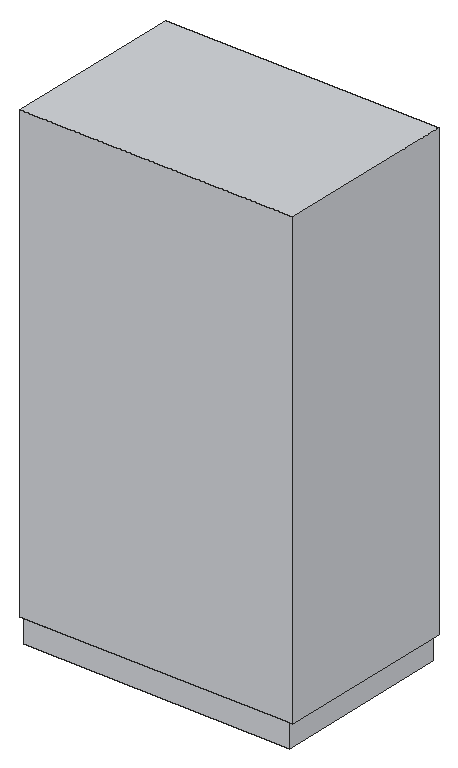
Revit family "EA_Schaltschrank_doppel_V1700", category Elektrische Ausstattung, Revit 2017
Family settings
  Schalttafelkonfiguration = 2 Spalten, Stromkreise nach rechts
  Bemaßung runder Anschluss = Durchmesser verwenden
  Teiletyp = Verteilerkasten
  OmniClass-Nummer = 23.80.30.11.17
  OmniClass-Titel = Distribution Boards and Control Panels
  Arbeitsebenenbasiert = Nein
  Immer vertikal = Ja
  Beim Laden mit Abzugskörper schneiden = Ja
  Gemeinsam genutzt = Nein
  Raumberechnungspunkt = Nein
Parameters (values of type "GHV")
  pbr_Material_KZ = ""
  pbr_Material = none
  pbr_E_Typ = ""
  pbr_E_KZ = ""
  pbr_DINBild = 0
  pbr_Bild = 0
  magenta schraffiert = no
  cpiFitMatchKey [instance] = "E-SS"  # constant formula
  Wirkleistung [instance] = 0 W
  built-in parameter 1140083 [instance] = "STahl"
  Türstärke = 10 mm
  Türhalbbreite [instance] = (Breite - 2 * Kante) / 2  # 585 mm
  Türbreite [instance] = if(Breite > 1199 mm, Türhalbbreite, Breite - 2 * Kante)  # 585 mm
  Typ [instance] = ""
  built-in parameter 1140086 [instance] = "-"
  Tiefe [instance] = 800 mm
  Text3 [instance] = ""
  Text2 [instance] = ""
  Text1 [instance] = ""
  built-in parameter 1140085 [instance] = "UVx"
  Spannung Phase zu Phase [instance] = 400 V
  Voltage = ""
  Sockeltiefe [instance] = Tiefe - 15 mm  # 785 mm
  grün schraffiert = no
  Sockel [instance] = 100 mm
  Scheinleistung [instance] = 0 VA
  Scheinlast [instance] = 0 VA
  Polig [instance] = 1
  Planungsbüro Rohling = "www.pbr.de"
  built-in parameter 1140082 [instance] = 100 (stored number, unit not read)
  blau schraffiert = yes
  Menge(Dosenzahl) [instance] = 0
  built-in parameter 1140079 [instance] = 42
  schwarz schraffiert = no
  braun schraffiert = no
  Linie/Anschluss [instance] = ""
  Leistungsfaktor [instance] = 0
  Lastklassifizierung [instance] = none
  Kante = 15 mm
  Kabeltrassen Anschlusshöhe [instance] = 100 mm
  Kabeltrasse Anschlussbreite [instance] = 400 mm
  Installationsart [instance] = ""
  built-in parameter 1140081 [instance] = "Freistehend"
  Info [instance] = ""
  Höhe [instance] = 2000 mm
  Gewerk [instance] = "UV"
  Panel Name [instance] = "Schaltschrank"
  violett schraffiert = no
  Breite [instance] = 1200 mm
  rot schraffiert = no
  Anlaufstrom [instance] = 0
Reference planes
  plane 1 "Mitte (Vorne/Hinten)": y = 0
  plane 2: z = 0
  plane 3 "Mitte (Links/Rechts)": x = 0
  plane 4: y = 800
  plane 5: x = -600
  plane 6: x = 600
  plane 7 "Niveau": z = 100
  plane 8: z = 2100
  plane 9: y = 350
  plane 10: y = 650
  plane 11: y = 400
  plane 12: y = 810
  plane 13: x = -585
  plane 14: x = 585
  plane 15: z = 2085
  plane 16: z = 115
  plane 17: y = 373.049
  plane 18: y = 1385
  plane 19: x = 575
  plane 20: x = -575
Forms (mm)
  Extrusion 1, solid
    sketch origin (-17.916, -2.559, 0) x (1, 0, 0) y (0, 1, 0)
      loop
        line (-582.084, 2.559) -> (617.916, 2.559) -> (617.916, 802.559) -> (-582.084, 802.559) -> (-582.084, 2.559)
    from 100 to 2100
  Extrusion 2, solid
    sketch origin (0, 0, 0) x (1, 0, 0) y (0, 1, 0)
      loop
        line (-585, 810) -> (-585, 800) -> (585, 800) -> (585, 810) -> (-585, 810)
    from 115 to 2085
  Extrusion 3, solid
    sketch origin (0, 0, 0) x (1, 0, 0) y (0, 1, 0)
      loop
        line (-585, 785) -> (-585, 0) -> (585, 0) -> (585, 785) -> (-585, 785)
    from 0 to 100
Dimensions and locks
  equal spacing: plane 5, plane 3 "Mitte (Links/Rechts)", plane 6
  "Tiefe": plane 4 to plane 1 "Mitte (Vorne/Hinten)"
  "Breite": plane 5 to plane 6
  "Höhe": plane 8 to plane 7 "Niveau"
  "Sockel": plane 7 "Niveau" to level
  plane 3 "Mitte (Links/Rechts)" to Extrusion 1 = 600 mm
  equal spacing: plane 4, plane 11, plane 1 "Mitte (Vorne/Hinten)"
  plane 4 to plane 10 to plane 11 to plane 9 to plane 1 "Mitte (Vorne/Hinten)" = 150 mm, 250 mm, 50 mm, 350 mm
  "Kante": plane 5 to plane 13
  "Kante": plane 14 to plane 6
  "Türstärke": plane 12 to plane 4
  "Kante": plane 7 "Niveau" to plane 16
  "Kante": plane 15 to plane 8
  "Türstärke": plane 19 to plane 14
  "Türbreite": plane 18 to plane 4
  "Türstärke": plane 13 to plane 20
  "Sockeltiefe": plane 1 "Mitte (Vorne/Hinten)" to Extrusion 3
  aligned and locked: level to plane 2
  aligned and locked: plane 6 to Extrusion 1
  aligned and locked: plane 1 "Mitte (Vorne/Hinten)" to Extrusion 1
  aligned and locked: plane 4 to Extrusion 1
  aligned and locked: Extrusion 1 to plane 5
  aligned and locked: Extrusion 1 to plane 7 "Niveau"
  aligned and locked: plane 8 to Extrusion 1
  aligned and locked: Extrusion 2 sketch curve to plane 14
  aligned and locked: Extrusion 2 sketch curve to plane 12
  aligned and locked: plane 4 to Extrusion 2 sketch curve
  aligned and locked: plane 13 to Extrusion 2 sketch curve
  aligned and locked: plane 15 to Extrusion 2
  aligned and locked: Extrusion 2 to plane 16
  aligned and locked: Extrusion 3 sketch curve to plane 13
  aligned and locked: Extrusion 3 sketch curve to plane 1 "Mitte (Vorne/Hinten)"
  aligned and locked: Extrusion 3 sketch curve to plane 14
  aligned and locked: plane 3 "Mitte (Links/Rechts)" to nested 1
  aligned and locked: plane 1 "Mitte (Vorne/Hinten)" to nested 1
  aligned and locked: plane 3 "Mitte (Links/Rechts)" to nested 2
  aligned and locked: plane 1 "Mitte (Vorne/Hinten)" to nested 2
  aligned and locked: plane 3 "Mitte (Links/Rechts)" to nested 3
  aligned and locked: plane 1 "Mitte (Vorne/Hinten)" to nested 3
  aligned and locked: plane 3 "Mitte (Links/Rechts)" to nested 4
  aligned and locked: plane 1 "Mitte (Vorne/Hinten)" to nested 4
  aligned and locked: plane 3 "Mitte (Links/Rechts)" to nested 5
  aligned and locked: plane 1 "Mitte (Vorne/Hinten)" to nested 5
  aligned and locked: plane 3 "Mitte (Links/Rechts)" to nested 6
  aligned and locked: plane 1 "Mitte (Vorne/Hinten)" to nested 6
  aligned and locked: plane 3 "Mitte (Links/Rechts)" to nested 7
  aligned and locked: plane 1 "Mitte (Vorne/Hinten)" to nested 7
Automatic sketch dimensions
  Extrusion 1 sketch curve to plane 4 = 0 mm
  Extrusion 1 sketch curve to plane 5 = 0 mm
  Extrusion 1 sketch curve to plane 6 = 0 mm
  plane 1 "Mitte (Vorne/Hinten)" to Extrusion 1 sketch curve = 0 mm
  plane 17 to Extrusion 3 sketch curve = 411.951 mm
Nested families
  nested 1: "Schaltschrank_doppelflüglig_rot" at (0, 0, 0), Breite Schrank <- "Breite", Tiefe Schrank <- "Tiefe", visible <- "rot schraffiert", type "Schaltschrank_2-flüglig_BMA"
    with Tiefe Schrank 800 mm, Breite Schrank 1200 mm
  nested 2: "Schaltschrank_doppelflüglig_violett" at (0, 0, 0), Breite Schrank <- "Breite", Tiefe Schrank <- "Tiefe", visible <- "violett schraffiert", type "Schaltschrank_2-flüglig_EDV"
    with Tiefe Schrank 800 mm, Breite Schrank 1200 mm
  nested 3: "Schaltschrank_doppelflüglig_blau" at (0, 0, 0), Breite Schrank <- "Breite", Tiefe Schrank <- "Tiefe", visible <- "blau schraffiert", type "Schaltschrank_2-flüglig_INSTA"
    with Tiefe Schrank 800 mm, Breite Schrank 1200 mm
  nested 4: "Schaltschrank_doppelflüglig_braun" at (0, 0, 0), Breite Schrank <- "Breite", Tiefe Schrank <- "Tiefe", visible <- "braun schraffiert", type "Schaltschrank_2-flüglig_LN"
    with Tiefe Schrank 800 mm, Breite Schrank 1200 mm
  nested 5: "Schaltschrank_doppelflüglig_schwarz" at (0, 0, 0), Breite Schrank <- "Breite", Tiefe Schrank <- "Tiefe", visible <- "schwarz schraffiert", type "Schaltschrank_2-flüglig_MSR"
    with Tiefe Schrank 800 mm, Breite Schrank 1200 mm
  nested 6: "Schaltschrank_doppelflüglig_grün" at (0, 0, 0), Breite Schrank <- "Breite", Tiefe Schrank <- "Tiefe", visible <- "grün schraffiert", type "Schaltschrank_2-flüglig_SIBEL"
    with Tiefe Schrank 800 mm, Breite Schrank 1200 mm
  nested 7: "Schaltschrank_doppelflüglig_magenta" at (0, 0, 0), Breite Schrank <- "Breite", Tiefe Schrank <- "Tiefe", visible <- "magenta schraffiert", type "Schaltschrank_2-flüglig_VMT"
    with Tiefe Schrank 800 mm, Breite Schrank 1200 mm
Connectors
  cabletrayconduit at (0, 392.5, 100), diameter 600, driven by "Kabeltrasse Anschlussbreite", driven by "Kabeltrassen Anschlusshöhe"
    settings: on Extrusion 3, index 1, connector width 400 mm, connector height 100 mm, connector angle 0.00°, system type 32, placement type 0, profile type 1, connector reference index -1, is primary connector yes, connector utility param no, connector description ""
  electrical at (0, 400, 2100), driven by "Spannung Phase zu Phase"
    settings: on Extrusion 1, index 2, voltage 400 V, apparent load 0 VA, apparent load phase1 0 VA, apparent load phase2 0 VA, apparent load phase3 0 VA, power factor 1, load classification "Energie", number of poles 3, system type 31, power factor state 1, is connector primary yes, connector utility yes, sub classification motor no, connector description ""
Definition of nested family "Schaltschrank_doppelflüglig_rot"
  Parameters (values of type "Schaltschrank_doppelflüglig_rot")
    Tiefe Schrank [instance] = 800 mm
    Breite Schrank [instance] = 1600 mm
  Reference planes
    plane 1 "Mitte (Vorne/Hinten)": y = 0
    plane 2: z = 0
    plane 3 "Mitte (Links/Rechts)": x = 0
    plane 4: x = -800
    plane 5: x = 800
    plane 6: y = 800
  Lines and regions (mm)
    Filled region 1, type "Beton", in view "Referenzebene"
      outline origin (0, 0, 0) x (1, 0, 0) y (0, 1, 0)
        loop
          line (-800, 0) -> (800, 0) -> (800, 800) -> (-800, 0)
    detail lines, in view "Referenzebene"
      curve 1: line (-800, 800, 0) -> (800, 800, 0)
      curve 2: line (-800, 0, 0) -> (-800, 800, 0)
      curve 3: line (800, 0, 0) -> (-800, 0, 0)
      curve 4: line (800, 800, 0) -> (800, 0, 0)
      curve 5: arc (0, 800, 0) -> (-234.315, 1365.685, 0) -> (-800, 1600, 0) r 800
      curve 6: line (-800, 800, 0) -> (-800, 1600, 0)
      curve 7: arc (0, 800, 0) -> (234.315, 1365.685, 0) -> (800, 1600, 0) r 800
      curve 8: line (800, 800, 0) -> (800, 1600, 0)
  Dimensions and locks
    "Tiefe Schrank": plane 6 to plane 1 "Mitte (Vorne/Hinten)"
    equal spacing: plane 4, plane 3 "Mitte (Links/Rechts)", plane 5
    "Breite Schrank": plane 4 to plane 5
    aligned and locked: curve 3 to plane 1 "Mitte (Vorne/Hinten)"
    aligned and locked: plane 4 to curve 2
    aligned and locked: curve 4 to plane 5
    aligned and locked: curve 1 to plane 6
    aligned and locked: curve 3 to Filled region 1 sketch curve
    aligned and locked: curve 1 to Filled region 1 sketch curve
    aligned and locked: Filled region 1 sketch curve to curve 4
    aligned and locked: Filled region 1 sketch curve to curve 3
  Automatic sketch dimensions
    Filled region 1 sketch curve to plane 4 = 0 mm
    curve 7 to plane 3 "Mitte (Links/Rechts)" = 0 mm
    curve 5 to plane 3 "Mitte (Links/Rechts)" = 0 mm
    plane 1 "Mitte (Vorne/Hinten)" to curve 3 = 0 mm
Definition of nested family "Schaltschrank_doppelflüglig_violett"
  Parameters (values of type "Schaltschrank_doppelflüglig_violett")
    Tiefe Schrank [instance] = 800 mm
    Breite Schrank [instance] = 1600 mm
  Reference planes
    plane 1 "Mitte (Vorne/Hinten)": y = 0
    plane 2: z = 0
    plane 3 "Mitte (Links/Rechts)": x = 0
    plane 4: x = -800
    plane 5: x = 800
    plane 6: y = 800
  Lines and regions (mm)
    Filled region 1, type "Beton", in view "Referenzebene"
      outline origin (0, 0, 0) x (1, 0, 0) y (0, 1, 0)
        loop
          line (-800, 0) -> (800, 0) -> (800, 800) -> (-800, 0)
    detail lines, in view "Referenzebene"
      curve 1: line (-800, 800, 0) -> (800, 800, 0)
      curve 2: line (-800, 0, 0) -> (-800, 800, 0)
      curve 3: line (800, 0, 0) -> (-800, 0, 0)
      curve 4: line (800, 800, 0) -> (800, 0, 0)
      curve 5: arc (0, 800, 0) -> (-234.315, 1365.685, 0) -> (-800, 1600, 0) r 800
      curve 6: line (-800, 800, 0) -> (-800, 1600, 0)
      curve 7: arc (0, 800, 0) -> (234.315, 1365.685, 0) -> (800, 1600, 0) r 800
      curve 8: line (800, 800, 0) -> (800, 1600, 0)
  Dimensions and locks
    "Tiefe Schrank": plane 6 to plane 1 "Mitte (Vorne/Hinten)"
    equal spacing: plane 4, plane 3 "Mitte (Links/Rechts)", plane 5
    "Breite Schrank": plane 4 to plane 5
    aligned and locked: curve 3 to plane 1 "Mitte (Vorne/Hinten)"
    aligned and locked: plane 4 to curve 2
    aligned and locked: curve 4 to plane 5
    aligned and locked: curve 1 to plane 6
    aligned and locked: curve 3 to Filled region 1 sketch curve
    aligned and locked: curve 1 to Filled region 1 sketch curve
    aligned and locked: Filled region 1 sketch curve to curve 4
    aligned and locked: Filled region 1 sketch curve to curve 3
  Automatic sketch dimensions
    Filled region 1 sketch curve to plane 4 = 0 mm
    curve 7 to plane 3 "Mitte (Links/Rechts)" = 0 mm
    curve 5 to plane 3 "Mitte (Links/Rechts)" = 0 mm
    plane 1 "Mitte (Vorne/Hinten)" to curve 3 = 0 mm
Definition of nested family "Schaltschrank_doppelflüglig_blau"
  Parameters (values of type "Schaltschrank_doppelflüglig_blau")
    Tiefe Schrank [instance] = 800 mm
    Breite Schrank [instance] = 1600 mm
  Reference planes
    plane 1 "Mitte (Vorne/Hinten)": y = 0
    plane 2: z = 0
    plane 3 "Mitte (Links/Rechts)": x = 0
    plane 4: x = -800
    plane 5: x = 800
    plane 6: y = 800
  Lines and regions (mm)
    Filled region 1, type "Beton", in view "Referenzebene"
      outline origin (0, 0, 0) x (1, 0, 0) y (0, 1, 0)
        loop
          line (-800, 0) -> (800, 0) -> (800, 800) -> (-800, 0)
    detail lines, in view "Referenzebene"
      curve 1: line (-800, 800, 0) -> (800, 800, 0)
      curve 2: line (-800, 0, 0) -> (-800, 800, 0)
      curve 3: line (800, 0, 0) -> (-800, 0, 0)
      curve 4: line (800, 800, 0) -> (800, 0, 0)
      curve 5: arc (0, 800, 0) -> (-234.315, 1365.685, 0) -> (-800, 1600, 0) r 800
      curve 6: line (-800, 800, 0) -> (-800, 1600, 0)
      curve 7: arc (0, 800, 0) -> (234.315, 1365.685, 0) -> (800, 1600, 0) r 800
      curve 8: line (800, 800, 0) -> (800, 1600, 0)
  Dimensions and locks
    "Tiefe Schrank": plane 6 to plane 1 "Mitte (Vorne/Hinten)"
    equal spacing: plane 4, plane 3 "Mitte (Links/Rechts)", plane 5
    "Breite Schrank": plane 4 to plane 5
    aligned and locked: curve 3 to plane 1 "Mitte (Vorne/Hinten)"
    aligned and locked: plane 4 to curve 2
    aligned and locked: curve 4 to plane 5
    aligned and locked: curve 1 to plane 6
    aligned and locked: curve 3 to Filled region 1 sketch curve
    aligned and locked: curve 1 to Filled region 1 sketch curve
    aligned and locked: Filled region 1 sketch curve to curve 4
    aligned and locked: Filled region 1 sketch curve to curve 3
  Automatic sketch dimensions
    Filled region 1 sketch curve to plane 4 = 0 mm
    curve 7 to plane 3 "Mitte (Links/Rechts)" = 0 mm
    curve 5 to plane 3 "Mitte (Links/Rechts)" = 0 mm
    plane 1 "Mitte (Vorne/Hinten)" to curve 3 = 0 mm
Definition of nested family "Schaltschrank_doppelflüglig_braun"
  Parameters (values of type "Schaltschrank_doppelflüglig_braun")
    Tiefe Schrank [instance] = 800 mm
    Breite Schrank [instance] = 1600 mm
  Reference planes
    plane 1 "Mitte (Vorne/Hinten)": y = 0
    plane 2: z = 0
    plane 3 "Mitte (Links/Rechts)": x = 0
    plane 4: x = -800
    plane 5: x = 800
    plane 6: y = 800
  Lines and regions (mm)
    Filled region 1, type "Beton", in view "Referenzebene"
      outline origin (0, 0, 0) x (1, 0, 0) y (0, 1, 0)
        loop
          line (-800, 0) -> (800, 0) -> (800, 800) -> (-800, 0)
    detail lines, in view "Referenzebene"
      curve 1: line (-800, 800, 0) -> (800, 800, 0)
      curve 2: line (-800, 0, 0) -> (-800, 800, 0)
      curve 3: line (800, 0, 0) -> (-800, 0, 0)
      curve 4: line (800, 800, 0) -> (800, 0, 0)
      curve 5: arc (0, 800, 0) -> (-234.315, 1365.685, 0) -> (-800, 1600, 0) r 800
      curve 6: line (-800, 800, 0) -> (-800, 1600, 0)
      curve 7: arc (0, 800, 0) -> (234.315, 1365.685, 0) -> (800, 1600, 0) r 800
      curve 8: line (800, 800, 0) -> (800, 1600, 0)
  Dimensions and locks
    "Tiefe Schrank": plane 6 to plane 1 "Mitte (Vorne/Hinten)"
    equal spacing: plane 4, plane 3 "Mitte (Links/Rechts)", plane 5
    "Breite Schrank": plane 4 to plane 5
    aligned and locked: curve 3 to plane 1 "Mitte (Vorne/Hinten)"
    aligned and locked: plane 4 to curve 2
    aligned and locked: curve 4 to plane 5
    aligned and locked: curve 1 to plane 6
    aligned and locked: curve 3 to Filled region 1 sketch curve
    aligned and locked: curve 1 to Filled region 1 sketch curve
    aligned and locked: Filled region 1 sketch curve to curve 4
    aligned and locked: Filled region 1 sketch curve to curve 3
  Automatic sketch dimensions
    Filled region 1 sketch curve to plane 4 = 0 mm
    curve 7 to plane 3 "Mitte (Links/Rechts)" = 0 mm
    curve 5 to plane 3 "Mitte (Links/Rechts)" = 0 mm
    plane 1 "Mitte (Vorne/Hinten)" to curve 3 = 0 mm
Definition of nested family "Schaltschrank_doppelflüglig_schwarz"
  Parameters (values of type "Schaltschrank_doppelflüglig_schwarz")
    Tiefe Schrank [instance] = 800 mm
    Breite Schrank [instance] = 1600 mm
  Reference planes
    plane 1 "Mitte (Vorne/Hinten)": y = 0
    plane 2: z = 0
    plane 3 "Mitte (Links/Rechts)": x = 0
    plane 4: x = -800
    plane 5: x = 800
    plane 6: y = 800
  Lines and regions (mm)
    Filled region 1, type "Beton", in view "Referenzebene"
      outline origin (0, 0, 0) x (1, 0, 0) y (0, 1, 0)
        loop
          line (-800, 0) -> (800, 0) -> (800, 800) -> (-800, 0)
    detail lines, in view "Referenzebene"
      curve 1: line (-800, 800, 0) -> (800, 800, 0)
      curve 2: line (-800, 0, 0) -> (-800, 800, 0)
      curve 3: line (800, 0, 0) -> (-800, 0, 0)
      curve 4: line (800, 800, 0) -> (800, 0, 0)
      curve 5: arc (0, 800, 0) -> (-234.315, 1365.685, 0) -> (-800, 1600, 0) r 800
      curve 6: line (-800, 800, 0) -> (-800, 1600, 0)
      curve 7: arc (0, 800, 0) -> (234.315, 1365.685, 0) -> (800, 1600, 0) r 800
      curve 8: line (800, 800, 0) -> (800, 1600, 0)
  Dimensions and locks
    "Tiefe Schrank": plane 6 to plane 1 "Mitte (Vorne/Hinten)"
    equal spacing: plane 4, plane 3 "Mitte (Links/Rechts)", plane 5
    "Breite Schrank": plane 4 to plane 5
    aligned and locked: curve 3 to plane 1 "Mitte (Vorne/Hinten)"
    aligned and locked: plane 4 to curve 2
    aligned and locked: curve 4 to plane 5
    aligned and locked: curve 1 to plane 6
    aligned and locked: curve 3 to Filled region 1 sketch curve
    aligned and locked: curve 1 to Filled region 1 sketch curve
    aligned and locked: Filled region 1 sketch curve to curve 4
    aligned and locked: Filled region 1 sketch curve to curve 3
  Automatic sketch dimensions
    Filled region 1 sketch curve to plane 4 = 0 mm
    curve 7 to plane 3 "Mitte (Links/Rechts)" = 0 mm
    curve 5 to plane 3 "Mitte (Links/Rechts)" = 0 mm
    plane 1 "Mitte (Vorne/Hinten)" to curve 3 = 0 mm
Definition of nested family "Schaltschrank_doppelflüglig_grün"
  Parameters (values of type "Schaltschrank_doppelflüglig_grün")
    Tiefe Schrank [instance] = 600 mm
    Breite Schrank [instance] = 1600 mm
  Reference planes
    plane 1 "Mitte (Vorne/Hinten)": y = 0
    plane 2: z = 0
    plane 3 "Mitte (Links/Rechts)": x = 0
    plane 4: x = -800
    plane 5: x = 800
    plane 6: y = 600
  Lines and regions (mm)
    Filled region 1, type "Beton", in view "Referenzebene"
      outline origin (0, 0, 0) x (1, 0, 0) y (0, 1, 0)
        loop
          line (-800, 0) -> (800, 0) -> (800, 600) -> (-800, 0)
    detail lines, in view "Referenzebene"
      curve 1: line (-800, 600, 0) -> (800, 600, 0)
      curve 2: line (-800, 0, 0) -> (-800, 600, 0)
      curve 3: line (800, 0, 0) -> (-800, 0, 0)
      curve 4: line (800, 600, 0) -> (800, 0, 0)
      curve 5: arc (0, 600, 0) -> (-234.315, 1165.685, 0) -> (-800, 1400, 0) r 800
      curve 6: line (-800, 600, 0) -> (-800, 1400, 0)
      curve 7: arc (0, 600, 0) -> (234.315, 1165.685, 0) -> (800, 1400, 0) r 800
      curve 8: line (800, 600, 0) -> (800, 1400, 0)
  Dimensions and locks
    "Tiefe Schrank": plane 6 to plane 1 "Mitte (Vorne/Hinten)"
    equal spacing: plane 4, plane 3 "Mitte (Links/Rechts)", plane 5
    "Breite Schrank": plane 4 to plane 5
    aligned and locked: curve 3 to plane 1 "Mitte (Vorne/Hinten)"
    aligned and locked: plane 4 to curve 2
    aligned and locked: curve 4 to plane 5
    aligned and locked: curve 1 to plane 6
    aligned and locked: curve 3 to Filled region 1 sketch curve
    aligned and locked: curve 1 to Filled region 1 sketch curve
    aligned and locked: Filled region 1 sketch curve to curve 4
    aligned and locked: Filled region 1 sketch curve to curve 3
  Automatic sketch dimensions
    Filled region 1 sketch curve to plane 4 = 0 mm
    curve 7 to plane 3 "Mitte (Links/Rechts)" = 0 mm
    curve 5 to plane 3 "Mitte (Links/Rechts)" = 0 mm
    plane 1 "Mitte (Vorne/Hinten)" to curve 3 = 0 mm
Definition of nested family "Schaltschrank_doppelflüglig_magenta"
  Parameters (values of type "Schaltschrank_doppelflüglig_magenta")
    Tiefe Schrank [instance] = 600 mm
    Breite Schrank [instance] = 1600 mm
  Reference planes
    plane 1 "Mitte (Vorne/Hinten)": y = 0
    plane 2: z = 0
    plane 3 "Mitte (Links/Rechts)": x = 0
    plane 4: x = -800
    plane 5: x = 800
    plane 6: y = 600
  Lines and regions (mm)
    Filled region 1, type "Beton", in view "Referenzebene"
      outline origin (0, 0, 0) x (1, 0, 0) y (0, 1, 0)
        loop
          line (-800, 0) -> (800, 0) -> (800, 600) -> (-800, 0)
    detail lines, in view "Referenzebene"
      curve 1: line (-800, 600, 0) -> (800, 600, 0)
      curve 2: line (-800, 0, 0) -> (-800, 600, 0)
      curve 3: line (800, 0, 0) -> (-800, 0, 0)
      curve 4: line (800, 600, 0) -> (800, 0, 0)
      curve 5: arc (0, 600, 0) -> (-234.315, 1165.685, 0) -> (-800, 1400, 0) r 800
      curve 6: line (-800, 600, 0) -> (-800, 1400, 0)
      curve 7: arc (0, 600, 0) -> (234.315, 1165.685, 0) -> (800, 1400, 0) r 800
      curve 8: line (800, 600, 0) -> (800, 1400, 0)
  Dimensions and locks
    "Tiefe Schrank": plane 6 to plane 1 "Mitte (Vorne/Hinten)"
    equal spacing: plane 4, plane 3 "Mitte (Links/Rechts)", plane 5
    "Breite Schrank": plane 4 to plane 5
    aligned and locked: curve 3 to plane 1 "Mitte (Vorne/Hinten)"
    aligned and locked: plane 4 to curve 2
    aligned and locked: curve 4 to plane 5
    aligned and locked: curve 1 to plane 6
    aligned and locked: curve 3 to Filled region 1 sketch curve
    aligned and locked: curve 1 to Filled region 1 sketch curve
    aligned and locked: Filled region 1 sketch curve to curve 4
    aligned and locked: Filled region 1 sketch curve to curve 3
  Automatic sketch dimensions
    Filled region 1 sketch curve to plane 4 = 0 mm
    curve 7 to plane 3 "Mitte (Links/Rechts)" = 0 mm
    curve 5 to plane 3 "Mitte (Links/Rechts)" = 0 mm
    plane 1 "Mitte (Vorne/Hinten)" to curve 3 = 0 mm
